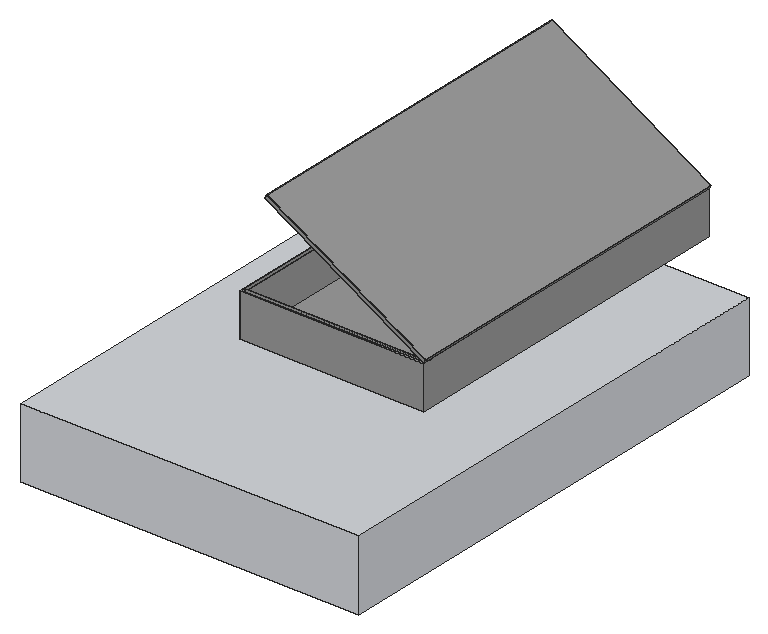
Revit family "Hager-Univers-IP44-D205-H1550-Cl.I-Encl-AT-de", category Equipement électrique, Revit 2020
Family settings
  Hôte = Face
  Configuration du panneau = Deux colonnes, circuits au sein
  Cote de connecteur circulaire = Utiliser le diamètre
  Type d'élément = Tableau de raccordement
  Couper avec des vides une fois chargée = Non
  Partagée = Non
  Point de calcul de pièce = Non
Parameters (values of type "Aufputz IP44 B800 H1550 T205  - FP03TN2")
  Width Control [instance] = if([EF000008 - Breite] > Min Width, [EF000008 - Breite], Min Width)  # 800 mm
  Commentaires du type = [HG000003 - Bereich]  # "Univers"
  Thickness Door [instance] = if([EF009171 - Materialstärke Tür/Deckel] > 3 mm, 3 mm, [EF009171 - Materialstärke Tür/Deckel])  # 1 mm
  Seal Frame Offset [instance] = 17 mm  # constant formula
  Plinth Visibility [instance] = [HG000027 - Sockelhöhe] > 0 mm  # no
  Model = ""
  Min Width [instance] = 100 mm  # constant formula
  Min Height [instance] = 100 mm  # constant formula
  Min Depth [instance] = (2 * [EF009170 - Materialstärke Gehäuse]) + 1 mm  # 3 mm
  Internal Frame Depth [instance] = (Door System Depth * 0.5)  # 9 mm
  Height Control [instance] = if([EF000040 - Höhe] > Min Height, [EF000040 - Höhe], Min Height)  # 1550 mm
  HG000027 - Sockelhöhe = 0 mm
  HG000026 - Stehend auf dem Boden = no
  HG000024 - Höhe des unteren Teils = 800 mm
  HG000023 - Gehäuse mit doppeltem Querschnitt = no
  HG000016 - 3D-Türsichtbarkeit [instance] = yes
  HG000015 - Sichtbarkeit der Türöffnung [instance] = no
  HG000014 - Tür rechts [instance] = yes
  HG000013 - Tür links [instance] = not([HG000014 - Tür rechts])  # no
  HG000012 - Türschwenkwinkel [instance] = 30.00°
  HG000010 - Asymmetrische Türen = no
  HG000009 - Doppelflügeligen Tür = no
  HG000006 - Unterputz = no
  HG000004 - Herstellerreferenz = "FP03TN2"
  HG000003 - Bereich = "Univers"
  HG000002 - Mit tür = yes
  Frame Offset Bottom [instance] = 10 mm  # constant formula
  Frame Offset [instance] = 15 mm  # constant formula
  EF015940 - Deckel mit Überdruckentlastung = no
  EF011959 - Schutzart (NEMA) = ""
  EF009554 - Anzahl der Öffnungen für Flanschplatten = 6
  Fabricant = "Hager"  # constant formula
  EF009212 - Ausführung Deckel = "EV000116 - geschlossen"
  EF009171 - Materialstärke Tür/Deckel = 1 mm
  EF009170 - Materialstärke Gehäuse = 1 mm
  EF008873 - Nennstrom (In) = 250 A
  EF007800 - Geeignet für Blitzschutz = no
  EF006306 - Mit Schloss = no
  EF006244 - Transparenter Deckel/Tür = no
  EF005474 - Schutzart (IP) = "EV006418 - IP44"
  EF004464 - Art der Tür = "EV002646 - Einzel"
  EF004427 - Anzahl der Module = 360
  EF004293 - Schlagfestigkeit = "EV006815 - IK09"
  EF003532 - Geeignet für Außengebrauch = no
  EF002950 - Breite in Teilungseinheiten = 36
  EF001613 - Funktionserhalt = "EV000494 - ohne"
  EF001596 - Werkstoff des Gehäuses = "EV000179 - Stahl"
  EF001131 - Innentiefe = 205 mm
  EF001088 - Anbaumöglichkeit = yes
  EF000437 - Anzahl der Leitungseinführungen = 6
  EF000339 - Art der Abdeckung = "EV001012 - Deckel"
  EF000266 - Anzahl der Reihen = 10
  EF000218 - Einbautiefe = 205 mm
  EF000118 - Mit Montageplatte = no
  EF000116 - RAL-Nummer = "9010"
  EF000049 - Tiefe = 205 mm
  EF000040 - Höhe = 1550 mm
  EF000008 - Breite = 800 mm
  EF000007 - Farbe = "EV000202 - weiß"
  EF000003 - Montageart = "EV000384 - Aufputz"
  Door System Leaf Tolerance [instance] = 1.5 mm  # constant formula
  Door System Depth [instance] = 18 mm  # constant formula
  Door Height [instance] = Height Control - [HG000027 - Sockelhöhe]  # 1550 mm
  Depth Control [instance] = if([EF000049 - Tiefe] > Min Depth, [EF000049 - Tiefe], Min Depth)  # 205 mm
  Default Elevation = 0 mm
  Connector Offset [instance] = Height Control / 2  # 775 mm
  Bottom Top Plate Trim [instance] = 1.5 mm  # constant formula
  Plinth height Ctrl [instance] = if([HG000027 - Sockelhöhe] > 0 mm, [HG000027 - Sockelhöhe], 12 mm)  # 12 mm
Types (4, lengths in mm): name | Width Control | HG000010 - Asymmetrische Türen | HG000009 - Doppelflügeligen Tür | HG000004 - Herstellerreferenz | EF009554 - Anzahl der Öffnungen für Flanschplatten | EF008873 - Nennstrom (In) | EF004464 - Art der Tür | EF004427 - Anzahl der Module | EF002950 - Breite in Teilungseinheiten | EF000437 - Anzahl der Leitungseinführungen | EF000008 - Breite
  Aufputz IP44 B1050 H1550 T205  - FP04TN2 | 1050 | no | yes | "FP04TN2" | 8 | 400 A | "EV003602 - Doppel" | 480 | 48 | 8 | 1050
  Aufputz IP44 B1300 H1550 T205  - FP05TN2 | 1300 | yes | yes | "FP05TN2" | 10 | 400 A | "EV003602 - Doppel" | 600 | 60 | 10 | 1300
  Aufputz IP44 B550 H1550 T205  - FP02TN2 | 550 | no | no | "FP02TN2" | 4 | 250 A | "EV002646 - Einzel" | 240 | 24 | 4 | 550
  Aufputz IP44 B800 H1550 T205  - FP03TN2 | 800 | no | no | "FP03TN2" | 6 | 250 A | "EV002646 - Einzel" | 360 | 36 | 6 | 800
Reference planes
  plane 1 "Center (Front/Back)": y = 0
  plane 2: z = 0
  plane 3 "Center (Left/Right)": x = 0
  plane 4: z = 205
  plane 5: y = 1
  plane 6: y = 775
  plane 7: y = 0
  plane 8: y = 1550
  plane 9: z = 0
  plane 10: x = -385
  plane 11: x = 385
  plane 12: x = 384
  plane 13: x = -384
  plane 14: y = 1549
  plane 15: x = -383
  plane 16: x = -400
  plane 17: x = 383
  plane 18: x = 400
  plane 19: x = 399
  plane 20: x = -399
  plane 21: y = 11
  plane 22: y = 1550
  plane 23: y = 1534
  plane 24: z = 187
  plane 25: z = 1
  plane 26: z = 186
  plane 27: z = 204
Forms (mm)
  Extrusion 1, solid
    sketch origin (0, 0, 0) x (1, 0, 0) y (0, 1, 0)
      loop
        line (-702.964, 1305) -> (-702.964, -811.445) -> (766.763, -811.445) -> (766.763, 1305) -> (-702.964, 1305)
    from 0 to -304.8
  Extrusion 2, solid, material "Hager_Steel_RAL7035_Light_Grey", visible <- "Plinth Visibility", detail levels medium+fine
    sketch origin (0, 0, 0) x (1, 0, 0) y (0, 1, 0)
      loop
        line (-400, 0) -> (400, 0) -> (400, 12) -> (-400, 12) -> (-400, 0)
    from 0 to 187
  Extrusion 3, solid, material "Hager_Steel_RAL7035_Light_Grey", detail levels medium+fine
    sketch origin (0, 0, 0) x (1, 0, 0) y (0, 1, 0)
      loop
        line (-400, 0) -> (400, 0) -> (400, 1550) -> (-400, 1550) -> (-400, 0)
    from 0 to 187
  Extrusion 4, void
    sketch origin (0, 0, 0) x (1, 0, 0) y (0, 1, 0)
      loop
        line (-399, 1) -> (399, 1) -> (399, 1549) -> (-399, 1549) -> (-399, 1)
    from 1 to 186
  Extrusion 5, void
    sketch origin (-381.607, -4572, 187) x (0, -1, 0) y (-1, 0, 0)
      loop
        line (-4583, 2.393) -> (-6106, 2.393) -> (-6106, -765.607) -> (-4583, -765.607) -> (-4583, 2.393)
    from 0 to 1 <- "EF009170 - Materialstärke Gehäuse"
  Extrusion 6, solid, material "Hager_Steel_RAL7035_Light_Grey", detail levels fine
    sketch origin (0, 0, 187) x (1, 0, 0) y (0, 1, 0)
      loop
        line (-384, 1534) -> (-384, 11) -> (384, 11) -> (384, 1534) -> (-384, 1534)
      loop
        line (-385, 10) -> (385, 10) -> (385, 1535) -> (-385, 1535) -> (-385, 10)
    from 0 to 9 <- "Internal Frame Depth"
  Extrusion 7, solid, material "Hager_Steel_RAL7035_Light_Grey", detail levels coarse
    sketch origin (0, 0, 0) x (1, 0, 0) y (0, 1, 0)
      loop
        line (-400, 0) -> (400, 0) -> (400, 1550) -> (-400, 1550) -> (-400, 0)
    from 0 to 205
  Sweep 8, void
    path in 3D
      loop
        line (-400, 12, 0) -> (400, 12, 0) -> (400, 12, 187) -> (-400, 12, 187) -> (-400, 12, 0)
    profile origin (-400, 12, 93.5) x (-1, 0, 0) y (0, -1, 0)
      loop
        line (0, 0) -> (0, 1.5) -> (-1.5, 1.5)
        arc (-1.5, 1.5) -> (-1.061, 0.439) -> (0, 0) r 1.5
Cuts and joins
  Extrusion 4, Extrusion 5 cuts Extrusion 3
  Sweep 8 cuts Extrusion 2
Lines and regions (mm)
  Masking region 1
    outline origin (0, 0, 0) x (1, 0, 0) y (0, 0, 1)
      loop
        line (-400, 205) -> (-400, 0) -> (400, 0) -> (400, 205) -> (-400, 205)
  Masking region 2, detail levels medium+fine
    outline origin (0, 140, 0) x (0, 1, 0) y (0, 0, 1)
      loop
        line (-140, 0) -> (1410, 0) -> (1410, 187) -> (-140, 187) -> (-140, 0)
  Masking region 3, not visible, detail levels medium+fine
    outline origin (0, 297.922, 0) x (0, 1, 0) y (0, 0, 1)
      loop
        line (488.578, 0) -> (528.578, 0) -> (528.578, 194)
        arc (528.578, 194) -> (525.649, 201.071) -> (518.578, 204) r 10
        line (518.578, 204) -> (488.578, 204) -> (488.578, 0)
  Masking region 4, detail levels coarse
    outline origin (0, 0, 180) x (0, 1, 0) y (0, 0, 1)
      loop
        line (0, -180) -> (1550, -180) -> (1550, 25) -> (0, 25) -> (0, -180)
  Masking region 5, visible <- "Plinth Visibility", detail levels medium+fine
    outline origin (0, 52.24, 12.345) x (0, 0, -1) y (0, 1, 0)
      loop
        line (10.845, -40.24) -> (-173.155, -40.24)
        arc (-173.155, -40.24) -> (-173.594, -41.301) -> (-174.655, -41.74) r 1.5
        line (-174.655, -41.74) -> (-174.655, -52.24) -> (12.345, -52.24) -> (12.345, -41.74)
        arc (12.345, -41.74) -> (11.285, -41.301) -> (10.845, -40.24) r 1.5
  Masking region 6, detail levels medium+fine
    outline origin (-381.607, -4572, 187) x (-1, 0, 0) y (0, -1, 0)
      loop
        line (18.393, -6122) -> (18.393, -4572) -> (-781.607, -4572) -> (-781.607, -6122) -> (18.393, -6122)
  Masking region 7, visible <- "Plinth Visibility", detail levels medium+fine
    outline origin (-381.607, -4727, 187) x (-1, 0, 0) y (0, -1, 0)
      loop
        arc (16.893, -4739) -> (17.332, -4737.939) -> (18.393, -4737.5) r 1.5
        line (18.393, -4737.5) -> (18.393, -4727) -> (-781.607, -4727) -> (-781.607, -4737.5)
        arc (-781.607, -4737.5) -> (-780.546, -4737.939) -> (-780.107, -4739) r 1.5
        line (-780.107, -4739) -> (16.893, -4739)
  Masking region 8, detail levels coarse
    outline origin (-442.548, -4669.526, 187) x (-1, 0, 0) y (0, -1, 0)
      loop
        line (-42.548, -6219.526) -> (-42.548, -4669.526) -> (-842.548, -4669.526) -> (-842.548, -6219.526) -> (-42.548, -6219.526)
  sketch lines
    curve 1: line (-400, 12, 187) -> (-400, 12, 0)
    curve 2: line (400, 12, 187) -> (-400, 12, 187)
    curve 3: line (400, 12, 187) -> (400, 12, 0)
    curve 4: line (-400, 12, 0) -> (400, 12, 0)
Dimensions and locks
  "Depth Control": plane 4 to Extrusion 1
  "HG000027 - Sockelhöhe": plane 1 "Center (Front/Back)" to plane 7
  "EF009170 - Materialstärke Gehäuse": plane 5 to plane 7
  locked: connector elem to plane 3 "Center (Left/Right)"
  equal spacing: plane 8, plane 6, plane 7
  locked: connector elem to plane 6
  "EF009170 - Materialstärke Gehäuse": plane 8 to plane 14
  "EF009170 - Materialstärke Gehäuse": plane 10 to plane 13
  "EF009170 - Materialstärke Gehäuse": plane 12 to plane 11
  "Frame Offset": plane 20 to plane 13
  "Frame Offset": plane 12 to plane 19
  "EF009170 - Materialstärke Gehäuse": plane 16 to plane 20
  "EF009170 - Materialstärke Gehäuse": plane 19 to plane 18
  "Seal Frame Offset": plane 16 to plane 15
  "Seal Frame Offset": plane 17 to plane 18
  "Frame Offset Bottom": plane 21 to plane 5
  "Frame Offset": plane 14 to plane 23
  equal spacing: plane 16, plane 3 "Center (Left/Right)", plane 18
  "Width Control": plane 16 to plane 18
  "EF009170 - Materialstärke Gehäuse": plane 4 to plane 27
  "EF009170 - Materialstärke Gehäuse": plane 24 to plane 26
  "EF009170 - Materialstärke Gehäuse": plane 25 to level
  "Door System Depth": plane 4 to plane 24
  "Height Control": plane 1 "Center (Front/Back)" to Extrusion 7 sketch curve
  "Height Control": Masking region 4 sketch curve to plane 1 "Center (Front/Back)"
  "Height Control": plane 1 "Center (Front/Back)" to plane 22
  "Bottom Top Plate Trim": profile plane to Sweep 8 sketch curve
  "Bottom Top Plate Trim": Sweep 8 sketch curve to profile plane
  "Plinth height Ctrl": plane 1 "Center (Front/Back)" to Extrusion 2 sketch curve
  "Plinth height Ctrl": Masking region 5 sketch curve to plane 1 "Center (Front/Back)"
  "Plinth height Ctrl": plane 1 "Center (Front/Back)" to Masking region 7 sketch curve
  "Thickness Door": Extrusion 6 sketch curve to Extrusion 6 sketch curve  (x3)
  "Thickness Door": cut or joined group of Extrusion 3, Extrusion 4, Extrusion 5 to Extrusion 6 sketch curve
  radius of Masking region 3 sketch curve = 10 mm
  "Bottom Top Plate Trim": radius of Masking region 5 sketch curve  (x2)
  "Bottom Top Plate Trim": radius of Sweep 8 sketch curve
  "Bottom Top Plate Trim": radius of Masking region 7 sketch curve  (x2)
  aligned and locked: plane 2 to Extrusion 1
  aligned and locked: level to Extrusion 1
  aligned and locked: level to Masking region 1 sketch curve
  aligned and locked: Masking region 1 sketch curve to plane 18
  aligned and locked: Masking region 1 sketch curve to plane 16
  aligned and locked: plane 7 to Masking region 2 sketch curve
  aligned and locked: level to Masking region 3 sketch curve
  aligned and locked: Masking region 3 sketch curve to plane 27
  aligned and locked: level to Masking region 2 sketch curve
  aligned and locked: plane 1 "Center (Front/Back)" to Extrusion 2 sketch curve
  aligned and locked: Extrusion 3 sketch curve to plane 7
  aligned and locked: plane 16 to Extrusion 3 sketch curve
  aligned and locked: plane 18 to Extrusion 3 sketch curve
  aligned and locked: plane 20 to Extrusion 4 sketch curve
  aligned and locked: plane 19 to Extrusion 4 sketch curve
  aligned and locked: Extrusion 4 sketch curve to plane 5
  aligned and locked: Extrusion 4 to plane 25
  aligned and locked: plane 26 to Extrusion 4
  aligned and locked: plane 24 to Extrusion 3
  aligned and locked: Extrusion 5 sketch curve to plane 21
  aligned and locked: Extrusion 5 sketch curve to plane 13
  aligned and locked: Extrusion 5 sketch curve to plane 12
  aligned and locked: plane 18 to Extrusion 7 sketch curve
  aligned and locked: plane 1 "Center (Front/Back)" to Extrusion 7 sketch curve
  aligned and locked: plane 16 to Extrusion 7 sketch curve
  aligned and locked: plane 4 to Extrusion 7
  aligned and locked: Extrusion 7 to level
  aligned and locked: level to Masking region 4 sketch curve
  aligned and locked: Masking region 4 sketch curve to plane 1 "Center (Front/Back)"
  aligned and locked: Masking region 4 sketch curve to plane 4
  aligned and locked: nested 1 to level
  aligned and locked: nested 1 to plane 16
  aligned and locked: plane 8 to Extrusion 3 sketch curve
  aligned and locked: plane 23 to Extrusion 5 sketch curve
  aligned and locked: plane 14 to Extrusion 4 sketch curve
  aligned and locked: Masking region 2 sketch curve to plane 8
  aligned and locked: level to Masking region 5 sketch curve
  aligned and locked: plane 16 to Extrusion 2 sketch curve
  aligned and locked: plane 18 to Extrusion 2 sketch curve
  aligned and locked: Masking region 5 sketch curve to plane 24
  aligned and locked: Masking region 2 sketch curve to plane 24
  aligned and locked: plane 24 to Extrusion 2
  aligned and locked: profile plane to Sweep 8 sketch curve  (x2)
  aligned and locked: Masking region 6 sketch curve to plane 18
  aligned and locked: Masking region 6 sketch curve to plane 22
  aligned and locked: Masking region 6 sketch curve to plane 16
  aligned and locked: plane 8 to plane 22
  aligned and locked: Masking region 6 sketch curve to plane 7
  aligned and locked: Masking region 7 sketch curve to plane 16
  aligned and locked: Masking region 7 sketch curve to plane 1 "Center (Front/Back)"
  aligned and locked: Masking region 7 sketch curve to plane 18
  aligned and locked: Masking region 8 sketch curve to plane 1 "Center (Front/Back)"
  aligned and locked: Masking region 8 sketch curve to plane 18
  aligned and locked: Masking region 8 sketch curve to plane 22
  aligned and locked: Masking region 8 sketch curve to plane 16
  aligned and locked: nested 2 to plane 7
  aligned and locked: plane 3 "Center (Left/Right)" to nested 2
  aligned and locked: nested 2 to plane 24
  aligned and locked: Extrusion 6 sketch curve to cut or joined group of Extrusion 3, Extrusion 4, Extrusion 5  (x4)
Automatic sketch dimensions
  Extrusion 1 sketch curve to Extrusion 1 sketch curve = 1469.727 mm
  Extrusion 1 sketch curve to Extrusion 1 sketch curve = 2116.445 mm
  Masking region 1 sketch curve to plane 4 = 0 mm
  plane 6 to Masking region 3 sketch curve = 11.5 mm
  Masking region 3 sketch curve to Masking region 3 sketch curve = 30 mm
  Masking region 5 sketch curve to plane 1 "Center (Front/Back)" = 0 mm
Nested families
  nested 1: "Hager_Enclosure_Symbol" at (-400, 0, 0) x (1, 0, 0) z (0, -1, 0), Height <- "Depth Control", Width <- "Width Control", type "Hager_Enclosure_Symbol"
    with Width_Ctrl 800 mm, Width 800 mm, Height_Ctrl 205 mm, Height 205 mm, A_Width_Int 13.453 mm, A_Width 161.438 mm, A_Height_Ctrl 179.375 mm, A_Height 179.375 mm
  nested 2: "EC000058_Univers_Door" at (0, 0, 187) x (1, 0, 0) z (0, 1, 0), Leaf_Tolerance <- "Door System Leaf Tolerance", Angle <- "HG000012 - Türschwenkwinkel", Door_Depth <- "Door System Depth", Door_Left <- "HG000013 - Tür links", Transparent <- "EF006244 - Transparenter Deckel/Tür", Assymetrical <- "HG000010 - Asymmetrische Türen", Width <- "Width Control", Clearance <- "HG000015 - Sichtbarkeit der Türöffnung", Double <- "HG000009 - Doppelflügeligen Tür", 3d_Door <- "HG000016 - 3D-Türsichtbarkeit", Lock_Visibility <- "EF006306 - Mit Schloss", Width_Ctrl <- "Width Control", Door_Right <- "HG000014 - Tür rechts", Door <- "HG000002 - Mit tür", Height <- "Door Height", Thickness <- "Thickness Door", type "EC000058_Univers_Door", detail levels medium+fine
    with min_wh 3 mm, Width_Ctrl 800 mm, Width 800 mm, Transparent no, Thickness 1 mm, Seal_Material Hager_Rubber, Lock_Visibility no, Lock_Material Hager_Plastic_RAL9005_Jet_Black, Leaf_Width 800 mm, Leaf_Tolerance_External_Sides 0 mm, Leaf_Tolerance 1.5 mm, Leaf_Offset 0 mm, Leaf_Height 1547 mm, Leaf_2_Width 800 mm, Leaf_2_Offset 400 mm, Leaf_1_Width 800 mm, Leaf_1_Offset 400 mm, Height_Ctrl 1550 mm, Height 1550 mm, Glass_Material Hager_Glass, Double_Clearance_Ctrl no, Double no, Door_Right_Ctrl yes, Door_Right yes, Door_Material Hager_Steel_RAL7035_Light_Grey, Door_Left_Ctrl no, Door_Left no, Door_Depth 18 mm, Door yes, Clearance_Material Hager_Clearance, Clearance_Depth 800 mm, Clearance_Ctrl no, Clearance no, Assymetrical no, Angle 30.00°, 3d_Door yes
Connectors
  electrical at (0, 775, 0)
    settings: on plane 9, index 1, voltage 0 V, apparent load 0 VA, apparent load phase1 0 VA, apparent load phase2 0 VA, apparent load phase3 0 VA, power factor 1, load classification "Other", number of poles 1, system type 30, power factor state 1, is connector primary yes, connector utility no, sub classification motor no, connector description ""
Definition of nested family "EC000058_Univers_Door"
  Parameters (values of type "EC000058_Univers_Door")
    min_wh [instance] = (2 * Thickness) + 1 mm  # 11 mm
    Width_Ctrl [instance] = 400 mm
    Width [instance] = 500 mm
    Transparent [instance] = yes
    Thickness [instance] = 5 mm
    Seal_Material [instance] = none
    Lock_Visibility [instance] = yes
    Lock_Material [instance] = none
    Leaf_Width [instance] = if((Width_Ctrl - 2 * Leaf_Tolerance_External_Sides) > 0 mm, (Width_Ctrl - 2 * Leaf_Tolerance_External_Sides), min_wh)  # 400 mm
    Leaf_Tolerance_External_Sides [instance] = 0 mm  # constant formula
    Leaf_Tolerance [instance] = 1.5 mm
    Leaf_Offset [instance] = 0 mm  # constant formula
    Leaf_Height [instance] = if((Height_Ctrl - 2 * Leaf_Tolerance) > 0 mm, (Height_Ctrl - 2 * Leaf_Tolerance), min_wh)  # 497 mm
    Leaf_2_Width [instance] = if(and(and(Double, Assymetrical), Door_Left), (Leaf_Width / 3) - (Leaf_Tolerance / 2), if(and(and(Double, Assymetrical), Door_Right), (Leaf_Width / 3) * 2 - (Leaf_Tolerance / 2), if(and(Double, not(Assymetrical)), (Leaf_Width / 2) - Leaf_Tolerance, Leaf_Width)))  # 400 mm
    Leaf_2_Offset [instance] = if(and(Double, Assymetrical), Leaf_2_Width / 2, if(and(Double, not(Assymetrical)), Leaf_Width / 4, Leaf_Width / 2))  # 200 mm
    Leaf_1_Width [instance] = if(and(and(Double, Assymetrical), Door_Right), (Leaf_Width / 3) - (Leaf_Tolerance / 2), if(and(and(Double, Assymetrical), Door_Left), (Width / 3) * 2 - (Leaf_Tolerance / 2), if(and(Double, not(Assymetrical)), (Leaf_Width / 2) - Leaf_Tolerance, Leaf_Width)))  # 400 mm
    Leaf_1_Offset [instance] = if(and(Double, Assymetrical), Leaf_1_Width / 2, if(and(Double, not(Assymetrical)), Leaf_Width / 4, Leaf_Width / 2))  # 200 mm
    Height_Ctrl [instance] = if(Height > min_wh, Height, min_wh)  # 500 mm
    Height [instance] = 500 mm
    Glass_Material [instance] = none
    Double_Clearance_Ctrl [instance] = and(Double, Clearance)  # no
    Double [instance] = no
    Door_Right_Ctrl [instance] = and(or(Door_Right, Double), Door)  # yes
    Door_Right [instance] = yes
    Door_Material [instance] = none
    Door_Left_Ctrl [instance] = and(or(Door_Left, Double), Door)  # no
    Door_Left [instance] = no
    Door_Depth [instance] = 30 mm
    Door [instance] = yes
    Default Elevation = 1219.2 mm
    Clearance_Material [instance] = none
    Clearance_Depth [instance] = if(Leaf_1_Width > Leaf_2_Width, Leaf_1_Width, Leaf_2_Width)  # 400 mm
    Clearance_Ctrl [instance] = and(not(Double), Clearance)  # yes
    Clearance [instance] = yes
    Assymetrical [instance] = yes
    Angle [instance] = 30.00°
    3d_Door [instance] = yes
  Reference planes
    plane 1 "Center (Front/Back)": y = 0
    plane 2 "Bottom": z = 0
    plane 3 "Center (Left/Right)": x = 0
    plane 4: z = 500
    plane 5: x = -200
    plane 6: x = 200
    plane 7: z = 500
    plane 8: x = -200
    plane 9: z = 0
    plane 10: x = 200
    plane 11: y = 0
    plane 12: z = 1.5
    plane 13: x = -600
    plane 14: y = -400
    plane 15: x = 600
    plane 16: x = 0
    plane 17: x = 0
    plane 18: x = -200
    plane 19: x = 200
    plane 20: z = 498.5
  Forms (mm)
    Extrusion 1, solid, material <- "Clearance_Material", visible <- "Double_Clearance_Ctrl"
      sketch origin (1200, 0, 0) x (1, 0, 0) y (0, 0, -1)
        loop
          line (-1800, -498.5) -> (-600, -498.5) -> (-600, 0) -> (-1800, 0) -> (-1800, -498.5)
      from 0 to -400
  Dimensions and locks
    equal spacing: plane 5, plane 3 "Center (Left/Right)", plane 6
    "Width_Ctrl": plane 5 to plane 6
    "Leaf_Offset": plane 5 to plane 8
    "Leaf_Offset": plane 6 to plane 10
    "Leaf_Offset": plane 9 to level
    "Leaf_Offset": plane 4 to plane 7
    "Height_Ctrl": plane 4 to level
    "Leaf_Tolerance": plane 12 to plane 9
    locked: plane 11 to plane 1 "Center (Front/Back)"
    "Leaf_1_Offset": plane 18 to plane 16
    "Leaf_2_Offset": plane 17 to plane 19
    "Leaf_1_Width": plane 13 to plane 8
    "Leaf_2_Width": plane 10 to plane 15
    "Clearance_Depth": plane 14 to plane 1 "Center (Front/Back)"
    "Leaf_Tolerance_External_Sides": plane 8 to plane 18
    "Leaf_Tolerance_External_Sides": plane 19 to plane 10
    "Leaf_Tolerance": plane 7 to plane 20
    aligned and locked: level to plane 2 "Bottom"
    aligned and locked: nested 1 to plane 16
    aligned and locked: nested 2 to plane 17
    aligned and locked: Extrusion 1 to plane 13
    aligned and locked: plane 15 to Extrusion 1
    aligned and locked: Extrusion 1 to plane 14
    aligned and locked: plane 12 to nested 1
    aligned and locked: nested 2 to plane 12
    aligned and locked: Extrusion 1 to plane 11
    aligned and locked: plane 20 to Extrusion 1
    aligned and locked: nested 2 to plane 11
    aligned and locked: nested 1 to plane 11
  Automatic sketch dimensions
    Extrusion 1 sketch curve to level = 0 mm
    plane 5 to Extrusion 1 sketch curve = 400 mm
    plane 6 to Extrusion 1 sketch curve = 400 mm
    Extrusion 1 sketch curve to plane 4 = 1.5 mm
  Nested families
    nested 1: "EC000058_Univers_Door_Leaf" at (0, 0, 1.5), Width <- "Leaf_1_Width", visible <- "Door_Left_Ctrl", Leaf_Height <- "Leaf_Height", Angle <- "Angle", 3d_Door <- "3d_Door", Transparent <- "Transparent", Clearance Material <- "Clearance_Material", Clearance <- "Clearance_Ctrl", Door_Material <- "Door_Material", Glass_Material <- "Glass_Material", Door_Depth <- "Door_Depth", Lock_Material <- "Lock_Material", Seal_Material <- "Seal_Material", Lock_Visibility <- "Lock_Visibility", Thickness <- "Thickness", type "EC000058_Univers_Door_Leaf"
      with Width 400 mm, Transparent_Glass_Offset 30 mm, Transparent_Ctrl yes, Transparent yes, Thickness 5 mm, Standard no, Seal_Material none, Seal_D2 8 mm, Seal_D1 1 mm, Offset_Internal_Frame 10 mm, Lock_Width 20 mm, Lock_Visibility_3d yes, Lock_Visibility yes, Lock_Thickness_3 3 mm, Lock_Thickness_2 1 mm, Lock_Thickness_1 3 mm, Lock_Radius_Offset_2 16 mm, Lock_Radius_Offset_1 15 mm, Lock_Radius_2 5 mm, Lock_Radius 6 mm, Lock_Offset 5 mm, Lock_Material none, Lock_Height 80 mm, Lock_Cover_Top_Offset_2d 17 mm, Lock_Cover_Height -65 mm, Leaf_Height 497 mm, Internal_Seal_Thickness 8 mm, Internal_Seal_Depth_2 4.5 mm, Internal_Frame_Depth 25 mm, Glass_Thickness -1 mm, Glass_Offset -2 mm, Glass_Material none, Door_Material none, Door_Depth 30 mm, Clearance Material none, Clearance yes, Angle_Ctrl 30.00°, Angle 30.00°, 3d_Door yes
    nested 2: "EC000058_Univers_Door_Leaf" at (0, 0, 1.5) x (-1, 0, 0) z (0, 0, 1), Width <- "Leaf_2_Width", visible <- "Door_Right_Ctrl", Leaf_Height <- "Leaf_Height", Angle <- "Angle", 3d_Door <- "3d_Door", Transparent <- "Transparent", Clearance Material <- "Clearance_Material", Clearance <- "Clearance_Ctrl", Door_Material <- "Door_Material", Glass_Material <- "Glass_Material", Door_Depth <- "Door_Depth", Lock_Material <- "Lock_Material", Seal_Material <- "Seal_Material", Lock_Visibility <- "Lock_Visibility", Thickness <- "Thickness", type "EC000058_Univers_Door_Leaf"
      with Width 400 mm, Transparent_Glass_Offset 30 mm, Transparent_Ctrl yes, Transparent yes, Thickness 5 mm, Standard no, Seal_Material none, Seal_D2 8 mm, Seal_D1 1 mm, Offset_Internal_Frame 10 mm, Lock_Width 20 mm, Lock_Visibility_3d yes, Lock_Visibility yes, Lock_Thickness_3 3 mm, Lock_Thickness_2 1 mm, Lock_Thickness_1 3 mm, Lock_Radius_Offset_2 16 mm, Lock_Radius_Offset_1 15 mm, Lock_Radius_2 5 mm, Lock_Radius 6 mm, Lock_Offset 5 mm, Lock_Material none, Lock_Height 80 mm, Lock_Cover_Top_Offset_2d 17 mm, Lock_Cover_Height -65 mm, Leaf_Height 497 mm, Internal_Seal_Thickness 8 mm, Internal_Seal_Depth_2 4.5 mm, Internal_Frame_Depth 25 mm, Glass_Thickness -1 mm, Glass_Offset -2 mm, Glass_Material none, Door_Material none, Door_Depth 30 mm, Clearance Material none, Clearance yes, Angle_Ctrl 30.00°, Angle 30.00°, 3d_Door yes
  Definition of nested family "EC000058_Univers_Door_Leaf"
    Parameters (values of type "EC000058_Univers_Door_Leaf")
      Width [instance] = 2000 mm
      Transparent_Glass_Offset [instance] = 30 mm
      Transparent_Ctrl [instance] = and(Transparent, [3d_Door])  # yes
      Transparent [instance] = yes
      Thickness [instance] = 5 mm
      Standard [instance] = and(not(Transparent), [3d_Door])  # no
      Seal_Material [instance] = none
      Seal_D2 [instance] = 8 mm  # constant formula
      Seal_D1 [instance] = 1 mm  # constant formula
      Offset_Internal_Frame [instance] = 10 mm  # constant formula
      Lock_Width [instance] = 20 mm  # constant formula
      Lock_Visibility_3d [instance] = and(Lock_Visibility, [3d_Door])  # yes
      Lock_Visibility [instance] = yes
      Lock_Thickness_3 [instance] = 3 mm  # constant formula
      Lock_Thickness_2 [instance] = 1 mm  # constant formula
      Lock_Thickness_1 [instance] = 3 mm  # constant formula
      Lock_Radius_Offset_2 [instance] = Lock_Radius_Offset_1 + 1 mm  # 16 mm
      Lock_Radius_Offset_1 [instance] = 15 mm  # constant formula
      Lock_Radius_2 [instance] = Lock_Radius - 1 mm  # 5 mm
      Lock_Radius [instance] = 6 mm  # constant formula
      Lock_Offset [instance] = 5 mm  # constant formula
      Lock_Material [instance] = none
      Lock_Height [instance] = 80 mm  # constant formula
      Lock_Cover_Top_Offset_2d [instance] = Lock_Radius_Offset_2 + 1 mm  # 17 mm
      Lock_Cover_Height [instance] = -(Lock_Height - Lock_Radius_Offset_1)  # -65 mm
      Leaf_Height [instance] = 2720.336 mm
      Internal_Seal_Thickness [instance] = 8 mm  # constant formula
      Internal_Seal_Depth_2 [instance] = 4.5 mm  # constant formula
      Internal_Frame_Depth [instance] = if(Door_Depth - Thickness > 5 mm, Door_Depth - Thickness, 5 mm)  # 25 mm
      Glass_Thickness [instance] = if(Thickness > 15 mm, Glass_Offset + 10 mm, -1 mm)  # -1 mm
      Glass_Offset [instance] = if(Thickness > 15 mm, -(Thickness + 10 mm) / 2, -2 mm)  # -2 mm
      Glass_Material [instance] = none
      Door_Material [instance] = none
      Door_Depth [instance] = 30 mm
      Default Elevation = 0 mm
      Clearance Material [instance] = none
      Clearance [instance] = yes
      Angle_Ctrl [instance] = if(Angle > 180.00°, 180.00°, Angle)  # 90.00°
      Angle [instance] = 90.00°
      3d_Door [instance] = yes
    Reference planes
      plane 1 "Center (Front/Back)": y = 0
      plane 2: z = 0
      plane 3 "Center (Left/Right)": x = 0
      plane 4: y = 2000
      plane 5: x = -1000
      plane 6: x = 1000
      plane 7: x = -3000
      plane 8: z = 2720.336
      plane 9: z = 30
      plane 10: z = 2690.336
      plane 11: x = 970
      plane 12: x = -970
      plane 13: y = -3
      plane 14: z = 107.833
      plane 15: y = -5
      plane 16: y = -223.314
      plane 17: x = -1000
      plane 18: z = 1360.168
      plane 19: y = 30
    Forms (mm)
      Extrusion 1, solid, material <- "Clearance Material", visible <- "Clearance"
        sketch origin (0, 0, 0) x (1, 0, 0) y (0, 0, 1)
          loop
            line (-3000, 2720.336) -> (-3000, 0) -> (1000, 0) -> (1000, 2720.336) -> (-3000, 2720.336)
        from 0 to -2000
      Extrusion 2, solid, material <- "Door_Material", visible <- "Standard", detail levels medium+fine
        sketch origin (-1000, 0, 0) x (0, 1, 0) y (-1, 0, 0)
          loop
            line (0, 30) -> (0, 25) -> (2000, 25) -> (2000, 30) -> (0, 30)
        from 0 to 2720.336 <- "Leaf_Height"
      Extrusion 3, solid, material <- "Door_Material", visible <- "Transparent_Ctrl", detail levels medium+fine
        sketch origin (-1000, 0, 0) x (0, 1, 0) y (-1, 0, 0)
          loop
            line (0, 25) -> (2000, 25) -> (2000, 30) -> (0, 30) -> (0, 25)
        from 0 to 2720.336 <- "Leaf_Height"
      Extrusion 4, void
        sketch origin (-1025, 2000, 0) x (0, 1, 0) y (0, 0, -1)
          loop
            line (-30, -2690.336) -> (-30, -30) -> (-1970, -30) -> (-1970, -2690.336) -> (-30, -2690.336)
        from 0 to 5 <- "Thickness"
      Sweep 5, solid, material <- "Seal_Material", visible <- "Transparent_Ctrl", detail levels fine
        path in 3D
          loop
            line (-1025, 30, 30) -> (-1025, 30, 2690.336) -> (-1025, 1970, 2690.336) -> (-1025, 1970, 30) -> (-1025, 30, 30)
        profile origin (-1025, 1000, 30) x (1, 0, 0) y (0, 0, 1)
          loop
            line (0, 0) -> (0, -8) -> (1, -8) -> (1, 0) -> (0, 0)
      Extrusion 6, solid, material <- "Glass_Material", visible <- "Transparent_Ctrl", detail levels medium+fine
        sketch origin (-1030, 0, 0) x (0, 1, 0) y (0, 0, -1)
          loop
            line (1970, -2690.336) -> (1970, -30) -> (30, -30) -> (30, -2690.336) -> (1970, -2690.336)
        from -2 <- "Glass_Offset" to -1 <- "Glass_Thickness"
      Extrusion 7, solid, material <- "Door_Material", visible <- "3d_Door", detail levels medium+fine
        sketch origin (-1025, 2000, 0) x (0, -1, 0) y (0, 0, -1)
          loop
            line (0, -2720.336) -> (2000, -2720.336) -> (2000, 0) -> (0, 0) -> (0, -2720.336)
          loop
            line (1995, -5) -> (5, -5) -> (5, -2715.336) -> (1995, -2715.336) -> (1995, -5)
        from 0 to 25 <- "Internal_Frame_Depth"
      Sweep 8, solid, material <- "Seal_Material", visible <- "Transparent_Ctrl", detail levels fine
        path in 3D
          loop
            line (-1025, 0, 0) -> (-1025, 2000, 0) -> (-1025, 2000, 2720.336) -> (-1025, 0, 2720.336) -> (-1025, 0, 0)
        profile origin (-1025, 0, 1360.168) x (1, 0, 0) y (0, 1, 0)
          loop
            line (0, 10) -> (2.975, 10)
            arc (2.975, 10) -> (4.053, 10.447) -> (4.5, 11.525) r 1.525
            line (4.5, 11.525) -> (4.5, 16.527)
            arc (4.5, 16.527) -> (4.069, 17.569) -> (3.027, 18) r 1.473
            line (3.027, 18) -> (0, 18) -> (0, 10)
      Extrusion 9, solid, material <- "Lock_Material", visible <- "Lock_Visibility_3d", detail levels fine
        sketch origin (-1030, 0, 0) x (0, 1, 0) y (0, 0, -1)
          loop
            arc (1993.5, -1400.168) -> (1994.561, -1399.729) -> (1995, -1398.668) r 1.5
            line (1995, -1398.668) -> (1995, -1320.168) -> (1975, -1320.168) -> (1975, -1398.668)
            arc (1975, -1398.668) -> (1975.439, -1399.729) -> (1976.5, -1400.168) r 1.5
            line (1976.5, -1400.168) -> (1993.5, -1400.168)
        from 3 <- "Lock_Thickness_1" to 0
      Blend 10, solid, material <- "Lock_Material", visible <- "Lock_Visibility_3d", detail levels fine
        base sketch origin (-1033, 0, 0) x (0, 1, 0) y (0, 0, -1)
          loop
            line (1975, -1320.168) -> (1975, -1398.668)
            arc (1975, -1398.668) -> (1975.439, -1399.729) -> (1976.5, -1400.168) r 1.5
            line (1976.5, -1400.168) -> (1993.5, -1400.168)
            arc (1993.5, -1400.168) -> (1994.561, -1399.729) -> (1995, -1398.668) r 1.5
            line (1995, -1398.668) -> (1995, -1320.168) -> (1975, -1320.168)
        top sketch origin (-1033, 0, 0) x (0, 1, 0) y (0, 0, -1)
          loop
            line (1976, -1320.168) -> (1976, -1398.668)
            arc (1976, -1398.668) -> (1976.146, -1399.022) -> (1976.5, -1399.168) r 0.5
            line (1976.5, -1399.168) -> (1993.5, -1399.168)
            arc (1993.5, -1399.168) -> (1993.854, -1399.022) -> (1994, -1398.668) r 0.5
            line (1994, -1398.668) -> (1994, -1320.168) -> (1976, -1320.168)
        from 0 to 1 <- "Lock_Thickness_2"
      Blend 11, solid, material <- "Lock_Material", visible <- "Lock_Visibility_3d", detail levels fine
        base sketch origin (-1034, 0, 0) x (0, 1, 0) y (0, 0, -1)
          loop
            line (1978, -1320.168) -> (1978, -1384.168)
            arc (1978, -1384.168) -> (1985, -1391.168) -> (1992, -1384.168) r 7
            line (1992, -1384.168) -> (1992, -1320.168) -> (1978, -1320.168)
        top sketch origin (-1034, 0, 0) x (0, 1, 0) y (0, 0, -1)
          loop
            line (1991, -1320.168) -> (1979, -1320.168) -> (1979, -1383.168)
            arc (1979, -1383.168) -> (1985, -1389.168) -> (1991, -1383.168) r 6
            line (1991, -1383.168) -> (1991, -1320.168)
        from 0 to 3 <- "Lock_Thickness_3"
      Extrusion 12, solid, material <- "Lock_Material", visible <- "Lock_Visibility_3d", detail levels fine
        sketch origin (-1030, 1975, 1320.168) x (1, 0, 0) y (0, -1, 0)
          loop
            line (-7, -19) -> (-7, -1) -> (0, -1) -> (0, 0) -> (-8, 0) -> (-8, -20) -> (0, -20) -> (0, -19) -> (-7, -19)
        from 0 to -65 <- "Lock_Cover_Height"
      Extrusion 13, void
        sketch origin (-1038, 1995, 1320.168) x (-1, 0, 0) y (0, 0, -1)
          loop
            line (-5, -65) -> (0, -65) -> (-5, -60) -> (-5, -65)
        from 0 to 20 <- "Lock_Width"
      Extrusion 14, void
        sketch origin (-1038, 1975, 1320.168) x (0, -1, 0) y (0, 0, -1)
          loop
            circle (-10, -15.995) r 6
          loop
            circle (-10, -15.995) r 5
        from 0 to 2
      Extrusion 15, solid, material <- "Lock_Material", visible <- "Lock_Visibility_3d", detail levels medium
        sketch origin (-1030, 0, 0) x (0, 1, 0) y (0, 0, -1)
          loop
            arc (1993.5, -1400.168) -> (1994.561, -1399.729) -> (1995, -1398.668) r 1.5
            line (1995, -1398.668) -> (1995, -1320.168) -> (1975, -1320.168) -> (1975, -1398.668)
            arc (1975, -1398.668) -> (1975.439, -1399.729) -> (1976.5, -1400.168) r 1.5
            line (1976.5, -1400.168) -> (1993.5, -1400.168)
        from 8 to 0
    Cuts and joins
      Extrusion 4 cuts Extrusion 3
      Extrusion 13, Extrusion 14 cuts Extrusion 9
      Extrusion 14 cuts Blend 11
      Extrusion 13, Extrusion 14 cuts Extrusion 12
      joined: Extrusion 9, Blend 10, Blend 11, Extrusion 12
      Extrusion 14 cuts Extrusion 15
    Lines and regions (mm)
      Masking region 1, visible <- "Lock_Visibility", detail levels fine
        outline origin (0, 0, 0) x (0, 1, 0) y (0, 0, 1)
          loop
            line (30, 1320.168) -> (33, 1320.168) -> (33, 1400.168) -> (30, 1400.168) -> (30, 1320.168)
      Masking region 2, visible <- "Lock_Visibility", detail levels fine
        outline origin (0, 3.143, 0) x (0, 1, 0) y (0, 0, 1)
          loop
            line (29.857, 1354.168) -> (30.857, 1354.168) -> (30.857, 1366.168) -> (29.857, 1366.168) -> (29.857, 1354.168)
      Masking region 3, detail levels medium+fine
        outline origin (0, 0, 0) x (0, 1, 0) y (0, 0, 1)
          loop
            line (0, 0) -> (30, 0) -> (30, 2720.336) -> (0, 2720.336) -> (0, 0)
      Masking region 4, detail levels medium+fine
        outline origin (0, 0, 0) x (1, 0, 0) y (0, 0, 1)
          loop
            line (-1000, 2720.336) -> (-1000, 0) -> (1000, 0) -> (1000, 2720.336) -> (-1000, 2720.336)
      Masking region 5, visible <- "Lock_Visibility", detail levels fine
        outline origin (-47.116, 0, 0) x (1, 0, 0) y (0, 0, 1)
          loop
            arc (1024.616, 1399.168) -> (1023.556, 1398.729) -> (1023.116, 1397.668) r 1.5
            line (1023.116, 1397.668) -> (1023.116, 1320.168) -> (1041.116, 1320.168) -> (1041.116, 1397.668)
            arc (1041.116, 1397.668) -> (1040.677, 1398.729) -> (1039.616, 1399.168) r 1.5
            line (1039.616, 1399.168) -> (1024.616, 1399.168)
      Masking region 6, visible <- "Lock_Visibility", detail levels medium+fine
        outline origin (-25, 0, 0) x (1, 0, 0) y (0, 0, 1)
          loop
            arc (1001.5, 1400.168) -> (1000.439, 1399.729) -> (1000, 1398.668) r 1.5
            line (1000, 1398.668) -> (1000, 1320.168) -> (1020, 1320.168) -> (1020, 1398.668)
            arc (1020, 1398.668) -> (1019.561, 1399.729) -> (1018.5, 1400.168) r 1.5
            line (1018.5, 1400.168) -> (1001.5, 1400.168)
      Masking region 7, visible <- "Lock_Visibility", detail levels fine
        outline origin (-73.735, 0, 0) x (1, 0, 0) y (0, 0, 1)
          loop
            line (1051.735, 1382.168) -> (1065.735, 1382.168) -> (1065.735, 1384.168)
            arc (1065.735, 1384.168) -> (1058.735, 1391.168) -> (1051.735, 1384.168) r 7
            line (1051.735, 1384.168) -> (1051.735, 1382.168)
      Masking region 8, visible <- "Lock_Visibility", detail levels fine
        outline origin (-73.735, 0, 0) x (1, 0, 0) y (0, 0, 1)
          loop
            line (1052.735, 1382.168) -> (1064.735, 1382.168) -> (1064.735, 1383.168)
            arc (1064.735, 1383.168) -> (1058.735, 1389.168) -> (1052.735, 1383.168) r 6
            line (1052.735, 1383.168) -> (1052.735, 1382.168)
      Masking region 9, visible <- "Lock_Visibility", detail levels fine
        outline origin (-25, 0, 0) x (1, 0, 0) y (0, 0, 1)
          loop
            line (1020, 1320.168) -> (1020, 1382.168) -> (1000, 1382.168) -> (1000, 1320.168) -> (1020, 1320.168)
      Masking region 10, detail levels medium+fine
        outline origin (0, 0, 0) x (1, 0, 0) y (0, 0, 1)
          loop
            circle (985, 1335.144) r 6
      Masking region 11, detail levels fine
        outline origin (0, 0, 0) x (1, 0, 0) y (0, 0, 1)
          loop
            circle (985, 1335.144) r 5
      Masking region 12, visible <- "Lock_Visibility", detail levels fine
        outline origin (0, 12.767, 0) x (0, 1, 0) y (0, 0, 1)
          loop
            line (20.233, 1320.168) -> (21.233, 1320.168) -> (21.233, 1399.168) -> (20.233, 1400.168) -> (20.233, 1320.168)
      Masking region 13, visible <- "Lock_Visibility", detail levels fine
        outline origin (0, 13.767, -10) x (0, 1, 0) y (0, 0, 1)
          loop
            line (20.233, 1330.168) -> (23.233, 1330.168) -> (23.233, 1399.168) -> (20.233, 1402.168) -> (20.233, 1330.168)
      Masking region 14, visible <- "Lock_Visibility", detail levels fine
        outline origin (0, 12.767, -10) x (0, 1, 0) y (0, 0, 1)
          loop
            line (20.233, 1330.168) -> (25.233, 1330.168) -> (25.233, 1399.305) -> (20.233, 1394.305) -> (20.233, 1330.168)
      Masking region 15, visible <- "Lock_Visibility", detail levels medium
        outline origin (0, 0, 0) x (0, 1, 0) y (0, 0, 1)
          loop
            line (30, 1320.168) -> (38, 1320.168) -> (38, 1400.168) -> (30, 1400.168) -> (30, 1320.168)
      Masking region 16, visible <- "Lock_Visibility", detail levels fine
        outline origin (-1000, 0, 0) x (0, 1, 0) y (-1, 0, 0)
          loop
            line (1975, 30) -> (1995, 30) -> (1995, 38) -> (1975, 38) -> (1975, 30)
          loop
            line (1979, 37) -> (1976, 37) -> (1976, 34) -> (1978, 34) -> (1979, 37)
          loop
            line (1994, 37) -> (1991, 37) -> (1992, 34) -> (1994, 34) -> (1994, 37)
      Masking region 17, visible <- "Lock_Visibility", detail levels medium
        outline origin (-1000, 0, 0) x (0, 1, 0) y (-1, 0, 0)
          loop
            line (1975, 30) -> (1995, 30) -> (1995, 38) -> (1975, 38) -> (1975, 30)
      symbolic lines
        curve 1: line (1000, 0, 0) -> (-3000, 0, 0)
        curve 2: arc (1000, 0, 0) -> (-1000, 2000, 0) -> (-3000, 0, 0) r 2000
        curve 4: line (-1030, 0, 0) -> (-1030, 2000, 0)
      reference lines
        curve 3: line (-1000, 0, 0) -> (-1000, 2000, 0)
      symbolic lines, detail levels medium+fine
        curve 5: line (-1030, 2000, 0) -> (-1025, 2000, 0)
        curve 7: line (-1025, 0, 0) -> (-1030, 0, 0)
        curve 8: line (-1025, 0, 0) -> (-1000, 0, 0)
        curve 9: line (-1000, 0, 0) -> (-1000, 2000, 0)
        curve 10: line (-1000, 2000, 0) -> (-1025, 2000, 0)
      symbolic lines, detail levels fine
        curve 6: line (-1025, 2000, 0) -> (-1025, 0, 0)
      sketch lines
        curve 11: line (-1025, 0, 2720.336) -> (-1025, 0, 0)
        curve 12: line (-1025, 2000, 0) -> (-1025, 0, 0)
        curve 13: line (-1025, 2000, 2720.336) -> (-1025, 2000, 0)
        curve 14: line (-1025, 0, 2720.336) -> (-1025, 2000, 2720.336)
        curve 15: line (-1025, 1970, 30) -> (-1025, 30, 30)
        curve 16: line (-1025, 30, 30) -> (-1025, 30, 2690.336)
        curve 17: line (-1025, 1970, 2690.336) -> (-1025, 1970, 30)
        curve 18: line (-1025, 30, 2690.336) -> (-1025, 1970, 2690.336)
      symbolic lines, visible <- "Transparent", detail levels medium+fine
        curve 19: line (-970, 0, 2690.336) -> (970, 0, 2690.336)
        curve 20: line (-970, 0, 30) -> (-970, 0, 2690.336)
        curve 21: line (970, 0, 30) -> (-970, 0, 30)
        curve 22: line (970, 0, 2690.336) -> (970, 0, 30)
    Dimensions and locks
      "Width": plane 1 "Center (Front/Back)" to plane 4
      equal spacing: plane 5, plane 3 "Center (Left/Right)", plane 6
      "Width": plane 5 to plane 6
      "Width": plane 7 to plane 5
      "Leaf_Height": plane 8 to level
      "Width": curve 5 to curve 3
      "Width": curve 3 to curve 3
      plane 8 to plane 10 = 30 mm
      plane 9 to level = 30 mm
      plane 12 to plane 5 = 30 mm
      plane 6 to plane 11 = 30 mm
      Extrusion 1 to Extrusion 4 sketch curve = 30 mm
      "Transparent_Glass_Offset": curve 3 to Extrusion 4 sketch curve
      "Transparent_Glass_Offset": Extrusion 4 sketch curve to cut or joined group of Extrusion 3, Extrusion 4  (x2)
      cut or joined group of Extrusion 3, Extrusion 4 to Extrusion 6 sketch curve = 30 mm
      "Transparent_Glass_Offset": cut or joined group of Extrusion 3, Extrusion 4 to Extrusion 4 sketch curve
      "Thickness": curve 6 to curve 4
      "Thickness": Extrusion 7 sketch curve to Extrusion 7 sketch curve  (x4)
      "Door_Depth": curve 4 to curve 3
      "Offset_Internal_Frame": profile plane to Sweep 8 sketch curve
      "Internal_Seal_Thickness": Sweep 8 sketch curve to Sweep 8 sketch curve
      "Internal_Seal_Depth_2": profile plane to Sweep 8 sketch curve
      "Seal_D1": profile plane to Sweep 5 sketch curve
      "Seal_D2": profile plane to Sweep 5 sketch curve
      "Thickness": Extrusion 2 sketch curve to Extrusion 2 sketch curve
      equal spacing: Extrusion 9 sketch curve, plane 18, Extrusion 9 sketch curve  (x2)
      equal spacing: Masking region 1 sketch curve, plane 18, Masking region 1 sketch curve
      "Lock_Height": Masking region 1 sketch curve to Masking region 1 sketch curve
      "Lock_Radius": Masking region 2 sketch curve to plane 18 to Masking region 2 sketch curve
      Masking region 2 sketch curve to Masking region 1 = 1 mm
      "Door_Depth": plane 19 to plane 1 "Center (Front/Back)"
      "Lock_Thickness_1": Masking region 1 sketch curve to plane 19
      "Lock_Width": Extrusion 9 sketch curve to Extrusion 9 sketch curve
      "Lock_Height": Extrusion 9 sketch curve to Extrusion 9 sketch curve
      "Lock_Offset": cut or joined group of Extrusion 3, Extrusion 4 to Extrusion 9 sketch curve
      equal spacing: plane 8, plane 18, level
      "Lock_Radius_Offset_1": Blend 11 sketch curve to Blend 10
      locked: Blend 10 to Blend 11 sketch curve at 2  (x2)
      locked: var sketch to Blend 11 sketch curve at 1  (x2)
      "Lock_Radius_Offset_2": Blend 11 sketch curve to Blend 10
      locked: Extrusion 12 sketch curve to Extrusion 12 sketch curve at 1  (x3)
      Masking region 6 sketch curve to Masking region 6 sketch curve = 80 mm
      "Lock_Height": Masking region 6 sketch curve to Masking region 6 sketch curve
      "Lock_Width": Masking region 6 sketch curve to Masking region 6 sketch curve
      locked: Masking region 6 to Masking region 5 sketch curve at 1  (x3)
      locked: Masking region 5 to Masking region 7 sketch curve at 2  (x2)
      "Lock_Radius_Offset_1": Masking region 5 to Masking region 7 sketch curve
      "Lock_Radius_Offset_2": Masking region 5 to Masking region 8 sketch curve
      locked: Masking region 7 to Masking region 8 sketch curve at 1  (x2)
      "Lock_Cover_Top_Offset_2d": Masking region 5 to Masking region 9 sketch curve
      equal spacing: Masking region 9, Masking region 10 sketch curve, Masking region 9
      equal spacing: Masking region 9, Masking region 11 sketch curve, Masking region 9
      Extrusion 15 sketch curve to Extrusion 15 sketch curve = 80 mm
      "Lock_Width": Extrusion 15 sketch curve to Extrusion 15 sketch curve
      "Lock_Height": Extrusion 15 sketch curve to Extrusion 15 sketch curve
      equal spacing: Extrusion 15 sketch curve, plane 18, Extrusion 15 sketch curve
      "Lock_Thickness_3": Masking region 13 sketch curve to Masking region 13 sketch curve
      "Lock_Height": Masking region 12 sketch curve to Masking region 12 sketch curve
      locked: Masking region 13 sketch curve to Masking region 1 at 8
      locked: Masking region 14 sketch curve to Masking region 13 at 1
      locked: Masking region 14 sketch curve to Masking region 1 at 10.863
      "Lock_Height": Masking region 15 sketch curve to Masking region 15 sketch curve
      "Lock_Offset": Extrusion 15 sketch curve to cut or joined group of Extrusion 3, Extrusion 4
      "Lock_Offset": plane 6 to Masking region 6 sketch curve
      radius of Sweep 8 sketch curve = 1.525 mm
      radius of Sweep 8 sketch curve = 1.473 mm
      radius of Extrusion 9 sketch curve = 1.5 mm  (x2)
      "Lock_Radius": radius of Extrusion 14 sketch curve
      "Lock_Radius_2": radius of Extrusion 14 sketch curve
      "Lock_Radius": radius of Masking region 10 sketch curve
      "Lock_Radius_2": radius of Masking region 11 sketch curve
      radius of Extrusion 15 sketch curve = 1.5 mm  (x2)
      "Angle_Ctrl": angle plane 1 "Center (Front/Back)" to curve 3
      locked: Masking region 12 sketch curve to Masking region 12 sketch curve (angle 45.00°)
      locked: Masking region 13 sketch curve to Masking region 13 sketch curve (angle 45.00°)
      locked: Masking region 14 sketch curve to Masking region 14 sketch curve (angle 45.00°)
      aligned and locked: level to plane 2
      aligned and locked: Extrusion 1 to curve 1
      aligned and locked: plane 6 to Extrusion 1
      aligned and locked: Extrusion 1 to plane 1 "Center (Front/Back)"
      aligned and locked: plane 4 to Extrusion 1
      aligned and locked: plane 8 to Extrusion 1
      aligned and locked: curve 7 to Extrusion 2 sketch curve
      aligned and locked: curve 5 to Extrusion 2 sketch curve
      aligned and locked: curve 7 to Extrusion 3 sketch curve
      aligned and locked: Extrusion 3 sketch curve to curve 4
      aligned and locked: Extrusion 3 sketch curve to curve 6
      aligned and locked: Extrusion 3 sketch curve to curve 5
      aligned and locked: curve 9 to curve 3
      aligned and locked: Extrusion 7 sketch curve to cut or joined group of Extrusion 3, Extrusion 4  (x4)
      aligned and locked: plane 17 to curve 3
      aligned and locked: plane 1 "Center (Front/Back)" to curve 3
      aligned and locked: plane 17 to plane 5
      aligned and locked: Sweep 8 sketch curve to profile plane
      aligned and locked: Sweep 5 sketch curve to profile plane  (x2)
      aligned and locked: Masking region 1 to Masking region 2 sketch curve
      aligned and locked: plane 19 to Masking region 1 sketch curve
      aligned and locked: plane 1 "Center (Front/Back)" to Masking region 3 sketch curve
      aligned and locked: plane 19 to Masking region 3 sketch curve
      aligned and locked: level to Masking region 3 sketch curve
      aligned and locked: Masking region 3 sketch curve to plane 8
      aligned and locked: plane 17 to Masking region 4 sketch curve
      aligned and locked: level to Masking region 4 sketch curve
      aligned and locked: Masking region 4 sketch curve to plane 8
      aligned and locked: plane 12 to curve 20
      aligned and locked: plane 10 to curve 19
      aligned and locked: plane 11 to curve 22
      aligned and locked: curve 21 to plane 9
      aligned and locked: Extrusion 2 sketch curve to cut or joined group of Extrusion 3, Extrusion 4
      aligned and locked: Blend 10 sketch curve to Extrusion 9  (x4)
      aligned and locked: Extrusion 9 to Blend 10 sketch curve
      aligned and locked: Blend 10 to Blend 11 sketch curve
      aligned and locked: Extrusion 12 sketch curve to Blend 11
      aligned and locked: Extrusion 12 sketch curve to Extrusion 9  (x4)
      aligned and locked: Masking region 5 sketch curve to Masking region 6
      aligned and locked: Masking region 9 sketch curve to Masking region 6  (x3)
      aligned and locked: Masking region 12 sketch curve to Masking region 1
      aligned and locked: Masking region 13 sketch curve to Masking region 1
      aligned and locked: Masking region 12 to Masking region 14
      aligned and locked: Masking region 14 sketch curve to Masking region 1
      aligned and locked: Masking region 15 sketch curve to Masking region 14
      aligned and locked: Masking region 13 sketch curve to Masking region 12
      aligned and locked: Masking region 16 sketch curve to cut or joined group of Extrusion 14, Extrusion 15  (x4)
      aligned and locked: Masking region 16 sketch curve to cut or joined group of Extrusion 9, Blend 10, Blend 11, Extrusion 12, Extrusion 13, Extrusion 14  (x6)
      aligned and locked: cut or joined group of Extrusion 9, Blend 10, Blend 11, Extrusion 12, Extrusion 13, Extrusion 14 to Masking region 16 sketch curve
      aligned and locked: Masking region 17 sketch curve to cut or joined group of Extrusion 14, Extrusion 15  (x3)
      aligned and locked: Masking region 17 sketch curve to cut or joined group of Extrusion 9, Blend 10, Blend 11, Extrusion 12, Extrusion 13, Extrusion 14
      aligned and locked: Masking region 9 to Masking region 8 sketch curve
      aligned and locked: Masking region 9 to Masking region 7 sketch curve
    Automatic sketch dimensions
      plane 1 "Center (Front/Back)" to curve 2 = 0 mm
      curve 2 to plane 5 = 0 mm
      Extrusion 1 sketch curve to level = 0 mm
      Extrusion 1 sketch curve to plane 7 = 0 mm
      Extrusion 1 sketch curve to plane 6 = 0 mm
      Extrusion 1 sketch curve to plane 8 = 0 mm
      Extrusion 3 to Extrusion 6 sketch curve = 30 mm  (x4)
      Masking region 4 sketch curve to plane 6 = 0 mm
      Blend 10 sketch curve to Extrusion 9 = 1.5 mm
      Blend 10 sketch curve to Extrusion 9 = 1 mm
      Extrusion 13 sketch curve to Extrusion 12 = 0 mm  (x2)
      Extrusion 12 to Extrusion 13 sketch curve = 3 mm
      Extrusion 13 sketch curve to Extrusion 12 = 5 mm
      Extrusion 14 sketch curve to Extrusion 14 sketch curve = 0 mm  (x2)
      Extrusion 14 sketch curve to Extrusion 12 = 10 mm
      Extrusion 14 sketch curve to Extrusion 12 = 15.995 mm
      Masking region 5 sketch curve to Masking region 5 sketch curve = 1.5 mm  (x2)
      Masking region 10 sketch curve to plane 18 = 25.024 mm
      Masking region 11 sketch curve to plane 18 = 25.024 mm
      plane 19 to Masking region 14 sketch curve = 3 mm
      Masking region 16 sketch curve to Masking region 16 sketch curve = 3 mm
      curve 4 to curve 3 = 0 mm
      Blend 10 to Blend 11 sketch curve = 0 mm
      Masking region 6 sketch curve to Masking region 6 sketch curve = 1.5 mm  (x2)
      Masking region 6 sketch curve to plane 18 = 40 mm
      plane 19 to Masking region 12 sketch curve = 3 mm
      Masking region 12 sketch curve to Masking region 12 sketch curve = 1 mm
      Masking region 15 sketch curve to plane 19 = 0 mm
      Masking region 15 sketch curve to plane 18 = 40 mm
      radius of Blend 10 sketch curve to Extrusion 9 = 1 mm
Definition of nested family "Hager_Enclosure_Symbol"
  Parameters (values of type "Hager_Enclosure_Symbol")
    Width_Ctrl [instance] = if(Width > 1 mm, Width, 1 mm)  # 102.27 mm
    Width [instance] = 102.27 mm
    Height_Ctrl [instance] = if(Height > 1 mm, Height, 1 mm)  # 66.5 mm
    A_Width_Int [instance] = if(A_Width / 12 > 2 mm, A_Width / 12, 2 mm)  # 4.364 mm
    A_Width [instance] = if(A_Height_Ctrl * 0.9 > 2 mm, A_Height_Ctrl * 0.9, 2 mm)  # 52.369 mm
    A_Height_Ctrl [instance] = if(A_Height > 2 mm, A_Height, 2 mm)  # 58.188 mm
    Height [instance] = 66.5 mm
    A_Height [instance] = Height - (Height / 8)  # 58.188 mm
  Reference planes
    plane 1 "Centre (avant/arrière)": y = 0
    plane 2: z = 0
    plane 3 "Centre (gauche/droite)": x = 0
    plane 4: x = 52.369
    plane 5: y = 33.042
    plane 6: y = 41.77
    plane 7: y = 66.5
    plane 8: x = 26.184
    plane 9: y = 37.406
    plane 10: x = 102.27
    plane 11: y = 66.5
    plane 12: y = 8.313
  Lines and regions (mm)
    Filled region 1, type "Solid_Black", in view "Niveau de réf."
      outline origin (0, 0, 0) x (1, 0, 0) y (0, 1, 0)
        loop
          line (52.369, 66.5) -> (33.188, 54.536) -> (45.365, 45.006) -> (52.369, 66.5)
    Filled region 2, type "Solid_Black", in view "Niveau de réf."
      outline origin (0, 0, 0) x (1, 0, 0) y (0, 1, 0)
        loop
          line (0, 0) -> (102.27, 0) -> (102.27, 66.5) -> (0, 0)
    detail lines, in view "Niveau de réf."
      curve 1: line (0, 8.313, 0) -> (26.184, 41.77, 0)
      curve 2: line (26.184, 41.77, 0) -> (26.184, 33.042, 0)
      curve 3: line (26.184, 33.042, 0) -> (52.369, 66.5, 0)
  Dimensions and locks
    "A_Width": plane 3 "Centre (gauche/droite)" to plane 4
    equal spacing: plane 3 "Centre (gauche/droite)", plane 8, plane 4
    equal spacing: plane 6, plane 9, plane 5
    equal spacing: curve 3, Filled region 1 sketch curve, Filled region 1 sketch curve
    "Height_Ctrl": plane 1 "Centre (avant/arrière)" to plane 11
    "A_Height_Ctrl": plane 11 to plane 12
    equal spacing: plane 11, plane 9, plane 12
    "A_Width_Int": plane 6 to plane 9
    "Width_Ctrl": plane 3 "Centre (gauche/droite)" to plane 10
    angle Filled region 1 sketch curve to curve 3 = 20.00°
    angle curve 3 to Filled region 1 sketch curve = 20.00°
    locked: curve 3 to Filled region 1 sketch curve (angle 90.00°)
    aligned and locked: plane 10 to Filled region 2
    aligned and locked: plane 11 to Filled region 2 sketch curve
    aligned and locked: plane 10 to Filled region 2 sketch curve
    aligned and locked: plane 3 "Centre (gauche/droite)" to curve 1
    aligned and locked: plane 12 to curve 1
    aligned and locked: plane 7 to plane 11
  Automatic sketch dimensions
    Filled region 1 sketch curve to plane 4 = 0 mm
    Filled region 1 sketch curve to plane 7 = 0 mm
    plane 1 "Centre (avant/arrière)" to Filled region 2 sketch curve = 0 mm
    Filled region 2 sketch curve to plane 3 "Centre (gauche/droite)" = 0 mm
    curve 2 to plane 6 = 0 mm
    curve 2 to plane 8 = 0 mm
    curve 3 to plane 4 = 0 mm
    curve 2 to plane 5 = 0 mm
    curve 3 to plane 7 = 0 mm
